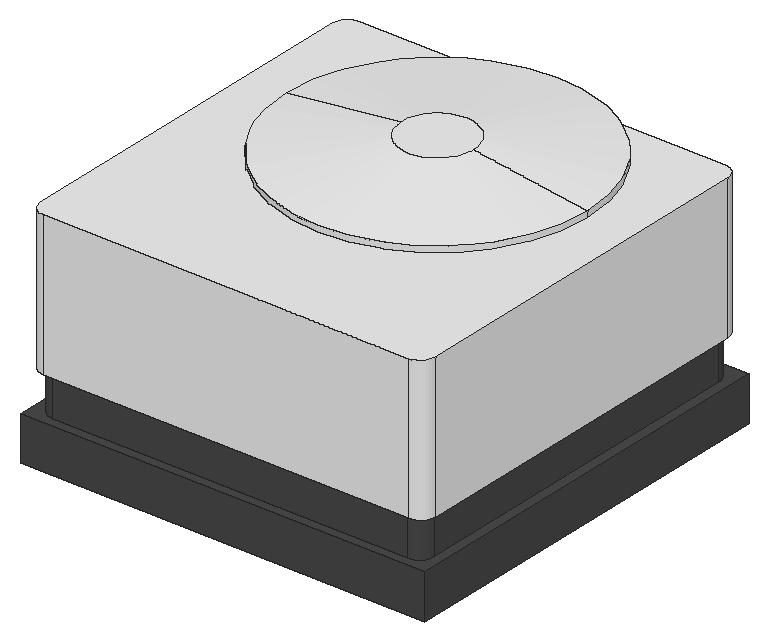
Revit family "RMT230(T)_24(T)_RFA", category Data Devices, host Face, Revit 2019
Family settings
  Host = Face
  Maintain Annotation Orientation = No
  Round Connector Dimension = Use Diameter
  Part Type = Normal
  Cut with Voids When Loaded = No
  Shared = No
  Room Calculation Point = No
Parameters (values of type "RMT230_230V_087N1100")
  Weight = 0.15 kg  # constant formula
  W [instance] = 50.00 mm
  Voltage = 230 V
  URL = "https://store.danfoss.com/en/Climate-Solutions-for-heating/Electronic-Room-Thermostats/Thermostats-Electro-Mechanical/c/4141?q=%3Arelevance&text="
  Switch Type = "SPDT"  # constant formula
  Switch Rating = "10 A (4 A) at 230 VAC"
  Power Supply RT = "230 V"
  Operating Temperature Range = "-10 - +50 °C"  # constant formula
  Night Set Back = "No"
  Model Type = "RMT230_230V"
  Model = "087N1100"
  Min Temperature Setting = "8 °C"  # constant formula
  Max Temperature Setting = "30 °C"  # constant formula
  Manufacturer = "Danfoss"  # constant formula
  LOD 350 = not(LOD 200)  # yes
  LOD 200 = no
  L3 = 30.52 mm
  L2 = 47.50 mm
  L1 = 78.00 mm
  L [instance] = 82.00 mm
  IfcExportType = "RMT230"
  IfcExportAs = "IfcElectricApplianceType"  # constant formula
  IP Rating = "IP20"  # constant formula
  H [instance] = 82.00 mm
  Description = "Room Thermostat"  # constant formula
  Default Elevation = 1219.20 mm
  Built-in Thermometer = "No"
  Body Material = Danfoss Plastic White
  Ball Pressure Test = "75 °C"  # constant formula
  Accelerator = "Parallel"
Types (6, lengths in mm): name | Voltage | Switch Rating | Power Supply RT | Night Set Back | Model Type | Model | IfcExportType | Built-in Thermometer | Accelerator
  (no name) | 230 V | "10 A (4 A) at 230 VAC" | "230 V" | "No" | "RMT230_230V" | "087N1100" | "RMT230" | "No" | "Parallel"
  RMT230_230V_087N1100 | 230 V | "10 A (4 A) at 230 VAC" | "230 V" | "No" | "RMT230_230V" | "087N1100" | "RMT230" | "No" | "Parallel"
  RMT230_230V_No Accelerator Heater_087N1110 | 230 V | "10 A (4 A) at 230 VAC" | "230 V" | "No" | "RMT230_230V_No Accelerator Heater" | "087N1110" | "RMT230" | "No" | "No"
  RMT24_24V_087N1196 | 24 V | "10 A (4 A) at 24 VAC" | "24 V" | "No" | "RMT24_24V" | "087N1196" | "RMT24" | "No" | "Parallel"
  RMT24T_24V_087N1197 | 24 V | "10 A (4 A) at 24 VAC" | "24 V" | "Yes" | "RMT24T_24V" | "087N1197" | "RMT24T" | "Yes" | "Parallel"
  RMT230T_230V_087N1125 | 230 V | "10 A (4 A) at 230 VAC" | "230 V" | "Yes" | "RMT230T_230V" | "087N1125" | "RMT230T" | "Yes" | "Parallel"
Reference planes
  plane 1 "Center (Front/Back)": y = 0
  plane 2: z = 0
  plane 3 "Center (Left/Right)": x = 0
  plane 4: z = 9
  plane 5: z = 46
  plane 6: z = 17
Forms (mm)
  Extrusion 1, solid, material "Danfoss Plastic White" <- "Body Material", visible <- "LOD 350", detail levels fine
    sketch origin (0, 0, 0) x (1, 0, 0) y (0, 1, 0)
      loop
        arc (-37, 31.521) -> (-39.121, 30.642) -> (-40, 28.521) r 3
        line (-40, 28.521) -> (-40, -45.5)
        arc (-40, -45.5) -> (-39.121, -47.621) -> (-37, -48.5) r 3
        line (-37, -48.5) -> (37, -48.5)
        arc (37, -48.5) -> (39.121, -47.621) -> (40, -45.5) r 3
        line (40, -45.5) -> (40, 28.489)
        arc (40, 28.489) -> (39.112, 30.633) -> (36.968, 31.521) r 3.032
        line (36.968, 31.521) -> (-37, 31.521)
    from 17 to 46
  Blend 2, solid, material "Danfoss Plastic White" <- "Body Material", visible <- "LOD 350", detail levels fine
    base sketch origin (0, 0, 0) x (1, 0, 0) y (0, 1, 0)
      loop
        circle (0, 5) r 30.518
    top sketch origin (0, 0, 0) x (1, 0, 0) y (0, 1, 0)
      loop
        circle (0, 5) r 7.301
    from 47.103 to 50
  Extrusion 3, solid, material "Danfoss Plastic White" <- "Body Material", visible <- "LOD 350", detail levels fine
    sketch origin (0, 0, 0) x (1, 0, 0) y (0, 1, 0)
      loop
        circle (0, 5) r 30.498
    from 17 to 47.103
  Extrusion 4, solid, material "Danfoss Plastic Black", visible <- "LOD 350", detail levels fine
    sketch origin (0, 0, 0) x (1, 0, 0) y (0, 1, 0)
      loop
        arc (-36, 30.52) -> (-38.121, 29.641) -> (-39, 27.52) r 3
        line (-39, 27.52) -> (-39, -44.5)
        arc (-39, -44.5) -> (-38.121, -46.621) -> (-36, -47.5) r 3
        line (-36, -47.5) -> (36, -47.5)
        arc (36, -47.5) -> (38.121, -46.621) -> (39, -44.5) r 3
        line (39, -44.5) -> (39, 27.488)
        arc (39, 27.488) -> (38.112, 29.632) -> (35.968, 30.52) r 3.032
        line (35.968, 30.52) -> (-36, 30.52)
    from 9 to 17
  Extrusion 5, solid, material "Danfoss Plastic Black", visible <- "LOD 350", detail levels fine
    sketch origin (0, 0, 0) x (1, 0, 0) y (0, 1, 0)
      loop
        line (-41, 32.5) -> (-41, -49.5) -> (41, -49.5) -> (41, 32.5) -> (-41, 32.5)
    from 0 to 9
  Extrusion 6, solid, material "Danfoss Plastic White" <- "Body Material", visible <- "LOD 200", detail levels fine
    sketch origin (0, 0, 0) x (1, 0, 0) y (0, 1, 0)
      loop
        line (-40, 31.521) -> (-40, -48.5) -> (40, -48.5) -> (40, 31.521) -> (-40, 31.521)
    from 17 to 46
  Extrusion 7, solid, material "Danfoss Plastic White" <- "Body Material", visible <- "LOD 200", detail levels fine
    sketch origin (0, 0, 0) x (1, 0, 0) y (0, 1, 0)
      loop
        circle (0, 5) r 30.498
    from 46 to 50
  Extrusion 8, solid, material "Danfoss Plastic White" <- "Body Material", detail levels coarse+medium
    sketch origin (0, 0, 0) x (1, 0, 0) y (0, 1, 0)
      loop
        line (-41, 32.5) -> (-41, -49.5) -> (41, -49.5) -> (41, 32.5) -> (-41, 32.5)
    from 0 to 50
  Extrusion 9, solid, material "Danfoss Plastic Black", visible <- "LOD 200", detail levels fine
    sketch origin (0, 0, 0) x (1, 0, 0) y (0, 1, 0)
      loop
        line (-41, 32.5) -> (-41, -49.5) -> (41, -49.5) -> (41, 32.5) -> (-41, 32.5)
    from 0 to 17
Cuts and joins
  joined: Blend 2, Extrusion 3
Dimensions and locks
  locked: plane 4 to host face at 9
  plane 5 to plane 4 = 37.00 mm
  "L1": Extrusion 4 sketch curve to Extrusion 4 sketch curve
  equal spacing: Extrusion 4 sketch curve, plane 3 "Center (Left/Right)", Extrusion 4 sketch curve
  "L3": plane 1 "Center (Front/Back)" to Extrusion 4 sketch curve
  "L2": Extrusion 4 sketch curve to plane 1 "Center (Front/Back)"
  Extrusion 4 sketch curve to Extrusion 4 sketch curve = 78.02 mm
  Extrusion 5 sketch curve to Extrusion 5 sketch curve = 82.00 mm  (x2)
  equal spacing: Extrusion 5 sketch curve, plane 3 "Center (Left/Right)", Extrusion 5 sketch curve
  locked: plane 6 to plane 4 at 8
  "W": cut or joined group of Blend 2, Extrusion 3 to level
  Extrusion 8 to level = 50.00 mm
  "H": Extrusion 5 to Extrusion 5
  "L": Extrusion 5 to Extrusion 5
  radius of Extrusion 1 sketch curve = 3.00 mm  (x3)
  radius of Extrusion 1 sketch curve = 3.032 mm
  radius of Extrusion 4 sketch curve = 3.00 mm  (x3)
  radius of Extrusion 4 sketch curve = 3.032 mm
  radius of Extrusion 7 sketch curve = 30.498 mm
  aligned and locked: plane 2 to host face
  aligned and locked: level to host face
  aligned and locked: plane 5 to Extrusion 1
  aligned and locked: Extrusion 4 to plane 4
  aligned and locked: plane 6 to Extrusion 4
  aligned and locked: Extrusion 5 to level
  aligned and locked: Extrusion 1 to plane 6
  aligned and locked: Extrusion 1 to Extrusion 3
  aligned and locked: Extrusion 6 sketch curve to Extrusion 1  (x4)
  aligned and locked: plane 5 to Extrusion 6
  aligned and locked: Extrusion 7 to cut or joined group of Blend 2, Extrusion 3
  aligned and locked: Extrusion 7 to Extrusion 1
  aligned and locked: Extrusion 8 sketch curve to Extrusion 5  (x4)
  aligned and locked: Extrusion 8 to level
  aligned and locked: Extrusion 8 to cut or joined group of Blend 2, Extrusion 3
  aligned and locked: Extrusion 6 to plane 6
  aligned and locked: plane 4 to Extrusion 5
  aligned and locked: Extrusion 9 sketch curve to Extrusion 5  (x4)
  aligned and locked: Extrusion 9 to level
  aligned and locked: plane 6 to Extrusion 9
Automatic sketch dimensions
  Extrusion 1 sketch curve to plane 3 "Center (Left/Right)" = 40.00 mm
  plane 3 "Center (Left/Right)" to Extrusion 1 sketch curve = 36.968 mm
  plane 1 "Center (Front/Back)" to Extrusion 1 sketch curve = 48.50 mm
  Extrusion 1 sketch curve to plane 1 "Center (Front/Back)" = 28.489 mm
  Blend 2 sketch curve to plane 3 "Center (Left/Right)" = 0.00 mm  (x2)
  Blend 2 sketch curve to plane 1 "Center (Front/Back)" = 5.00 mm  (x2)
  Extrusion 3 sketch curve to plane 3 "Center (Left/Right)" = 0.00 mm
  Extrusion 3 sketch curve to plane 1 "Center (Front/Back)" = 5.00 mm
  Extrusion 5 sketch curve to plane 1 "Center (Front/Back)" = 32.50 mm
  Extrusion 7 sketch curve to plane 3 "Center (Left/Right)" = 0.00 mm
  Extrusion 7 sketch curve to plane 1 "Center (Front/Back)" = 5.00 mm
  host sketch curve to host sketch curve = 2000.00 mm  (x2)
  radius of Blend 2 sketch curve = 30.518 mm
  radius of Blend 2 sketch curve = 7.301 mm
  radius of Extrusion 3 sketch curve = 30.498 mm
